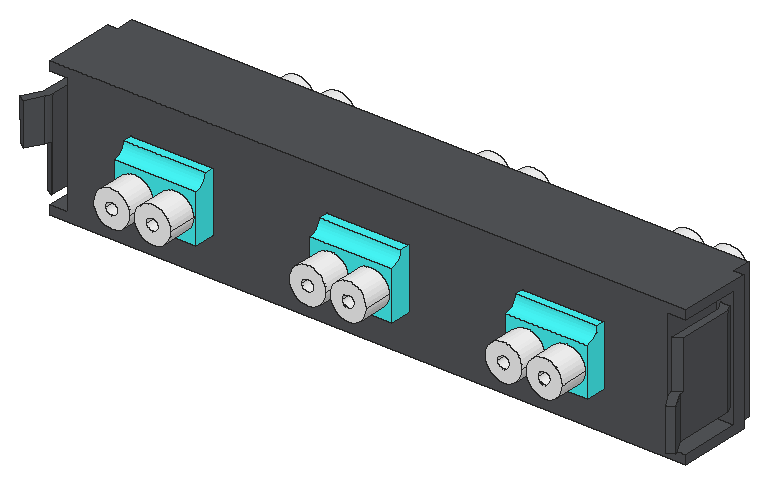
Revit family "LC Duplex 6 fibers", category Installations électriques, Revit 2020
Family settings
  Conserver l'orientation des annotations = Non
  Cote de connecteur circulaire = Utiliser le diamètre
  Type d'élément = Normal
  Basée sur le plan de construction = Non
  Toujours verticalement = Oui
  Couper avec des vides une fois chargée = Non
  Partagée = Non
  Point de calcul de pièce = Non
Parameters (values of type "LC Duplex block(AQUA)_POUR_6_FIBRES_MULTIMODE")
  Width of the connectors = 13.5 mm
  Width (mm) = 108.8 mm
  Type of connector interior = "LC_DUPLEX"
  Type of connector external = "LC_DUPLEX"
  Storage temperature = "-10°C à 60°C"
  RAL Number = "9017"
  Operating temperature = "-10°C à 60°C"
  Opening width = 13.5 mm
  Opening height = 6.5 mm
  Number of connectors = 6
  Legrand part number = "032136"
  IP = "IP20"
  IK = "IK04"
  Height of the connectors = 10 mm
  Height = 23 mm
  Function = "Patch panels with optical connector Legrand"
  Fiber optic type = "Multimode"
  Elévation par défaut = 0 mm
  ETIM class = "EC001130"
  EAN = "3414971400290"
  E-catalogue link = "https://www.legrand.fr/reference/032136/pro"
  Depth = 38.4 mm
  Colour of the connectors = IDS_CYAN
  Color = IDS_NOIR
  BIM wording = "LC Duplex block aqua 6 fibers multimode"
Types (3, lengths in mm): name | Legrand part number | Fiber optic type | EAN | E-catalogue link | Colour of the connectors | BIM wording
  LC Duplex block 6 fibers monomode | "032113" | "Single mode" | "3414970961716" | "https://www.legrand.fr/reference/032113/pro" | IDS_BLEU | "LC Duplex block 6 fibers monomode"
  LC Duplex block 6 fibers multimode | "032123" | "Multimode" | "3414970961853" | "https://www.legrand.fr/reference/032123/pro" | IDS_JAUNE | "LC Duplex block 6 fibers multimode"
  LC Duplex block(AQUA)_POUR_6_FIBRES_MULTIMODE | "032136" | "Multimode" | "3414971400290" | "https://www.legrand.fr/reference/032136/pro" | IDS_CYAN | "LC Duplex block aqua 6 fibers multimode"
Reference planes
  plane 1 "Centre (avant/arrière)": y = 0
  plane 2: z = 0
  plane 3 "Centre (gauche/droite)": x = 0
  plane 4 "Clip bas": z = 4
  plane 5 "Clip haut": z = 19
  plane 6: x = 105.5
  plane 7: x = 52.75
  plane 8: through (0.797, -2.504, 1200) normal (-0.866, 0.5, 0)
  plane 9: z = 6.5
  plane 10: z = 16.5
  plane 11: z = 6.5
  plane 12: z = 16.5
  plane 13: x = 13.5
  plane 14: x = 27
  plane 15: z = 23
  plane 16: x = 46
  plane 17: x = 59.5
  plane 18: x = 78.5
  plane 19: x = 92
  plane 20: y = -3.5
  plane 21: y = 25.5
  plane 22: z = 10.5
  plane 23: x = 20.25
  plane 24: x = 16.875
  plane 25: x = 23.625
  plane 26: y = 11
  plane 27: z = 10.5
  plane 28: x = 52.75
  plane 29: x = 49.375
  plane 30: x = 56.125
  plane 31: z = 10.5
  plane 32: x = 85.25
  plane 33: x = 81.875
  plane 34: x = 88.625
  plane 35: z = 10.5
  plane 36: x = 20.25
  plane 37: x = 16.875
  plane 38: x = 23.625
  plane 39: z = 10.5
  plane 40: x = 52.75
  plane 41: x = 49.375
  plane 42: x = 56.125
  plane 43: z = 10.5
  plane 44: x = 85.25
  plane 45: x = 81.875
  plane 46: x = 88.625
Forms (mm)
  Extrusion 1, solid, material "IDS_NOIR"
    sketch origin (0, 0, 0) x (1, 0, 0) y (0, 1, 0)
      loop
        line (0, 0) -> (105.5, 0) -> (105.5, 12) -> (103.9, 12) -> (103.9, 15) -> (1.6, 15) -> (1.6, 12) -> (0, 12) -> (0, 0)
    from 0 to 23
  Extrusion 2, void
    sketch origin (0, 0, 0) x (-1, 0, 0) y (0, 0, 1)
      loop
        line (0, 21.5) -> (-3, 21.5) -> (-3, 1.5) -> (0, 1.5) -> (0, 21.5)
      loop
        line (-105.5, 21.5) -> (-105.5, 1.5) -> (-102.5, 1.5) -> (-102.5, 21.5) -> (-105.5, 21.5)
    from 0 to 10
  Extrusion 3, solid, material "IDS_NOIR"
    sketch origin (0, 25.162, 4) x (0, 1, 0) y (-1, 0, 0)
      loop
        line (-29.912, 0.5) -> (-27.374, -0.965)
        arc (-27.374, -0.965) -> (-26.771, -1.215) -> (-26.124, -1.3) r 2.5
        line (-26.124, -1.3) -> (-16.662, -1.3) -> (-15.162, -2.166) -> (-15.162, -0.665) -> (-16.313, 0) -> (-26.446, 0) -> (-29.262, 1.626) -> (-29.912, 0.5)
      loop
        line (-29.912, -106) -> (-29.262, -107.126) -> (-26.446, -105.5) -> (-16.313, -105.5) -> (-15.162, -104.835) -> (-15.162, -103.334) -> (-16.662, -104.2) -> (-26.124, -104.2)
        arc (-26.124, -104.2) -> (-26.771, -104.285) -> (-27.374, -104.535) r 2.5
        line (-27.374, -104.535) -> (-29.912, -106)
    from 0 to 15
  Extrusion 4, void
    sketch origin (0.797, -2.504, 1200) x (0.5, 0.866025, 0) y (0, 0, 1)
      loop
        line (-2.593, -1196) -> (1.407, -1196) -> (1.407, -1188) -> (-2.593, -1188) -> (-2.593, -1196)
    from 0 to -2.615
  Extrusion 5, void
    sketch origin (104.703, -2.504, 1200) x (-0.5, 0.866025, 0) y (0, 0, -1)
      loop
        line (-2.593, 1181) -> (1.407, 1181) -> (1.407, 1189) -> (-2.593, 1189) -> (-2.593, 1181)
    from 0 to -2.615
  Extrusion 6, void
    sketch origin (2.941, 0, 0) x (-1, 0, 0) y (0, 0, 1)
      loop
        line (-10.559, 16.5) -> (-24.059, 16.5) -> (-24.059, 6.5) -> (-10.559, 6.5) -> (-10.559, 16.5)
      loop
        line (-43.059, 6.5) -> (-43.059, 16.5) -> (-56.559, 16.5) -> (-56.559, 6.5) -> (-43.059, 6.5)
      loop
        line (-89.059, 16.5) -> (-89.059, 6.5) -> (-75.559, 6.5) -> (-75.559, 16.5) -> (-89.059, 16.5)
    from 0 to 15
  Extrusion 7, void
    sketch origin (0, 0, 0) x (-1, 0, 0) y (0, 0, 1)
      loop
        line (-13.5, 6.5) -> (-13.5, 16.5) -> (-27, 16.5) -> (-27, 6.5) -> (-13.5, 6.5)
      loop
        line (-46, 6.5) -> (-46, 16.5) -> (-59.5, 16.5) -> (-59.5, 6.5) -> (-46, 6.5)
      loop
        line (-78.5, 16.5) -> (-92, 16.5) -> (-92, 6.5) -> (-78.5, 6.5) -> (-78.5, 16.5)
    from 0 to 15
  Extrusion 8, solid, material "IDS_CYAN" <- "Colour of the connectors"
    sketch origin (3.167, -3.5, 1200) x (-1, 0, 0) y (0, 0, 1)
      loop
        line (-23.833, -1193.5) -> (-10.333, -1193.5) -> (-10.333, -1183.5) -> (-23.833, -1183.5) -> (-23.833, -1193.5)
      loop
        line (-42.833, -1193.5) -> (-42.833, -1183.5) -> (-56.333, -1183.5) -> (-56.333, -1193.5) -> (-42.833, -1193.5)
      loop
        line (-88.833, -1193.5) -> (-75.333, -1193.5) -> (-75.333, -1183.5) -> (-88.833, -1183.5) -> (-88.833, -1193.5)
    from 0 to 29
  Extrusion 9, void
    sketch origin (13.5, -1524, 1.878) x (0, 0, 1) y (0, -1, 0)
      loop
        line (14.622, -1522.5) -> (14.622, -1520.5) -> (12.622, -1520.5)
        arc (12.622, -1520.5) -> (13.207, -1521.914) -> (14.622, -1522.5) r 2
      loop
        line (12.622, -1549.5) -> (14.622, -1549.5) -> (14.622, -1547.5)
        arc (14.622, -1547.5) -> (13.207, -1548.086) -> (12.622, -1549.5) r 2
    from 0 to 93.5
  Extrusion 10, solid, material "IDS_BLANC"
    sketch origin (3.167, -3.5, 1200) x (-1, 0, 0) y (0, 0, 1)
      loop
        circle (-13.708, -1189.5) r 3
      loop
        circle (-13.708, -1189.5) r 1
      loop
        circle (-20.458, -1189.5) r 3
      loop
        circle (-20.458, -1189.5) r 1
    from 0 to -4.7
  Extrusion 11, solid, material "IDS_BLANC"
    sketch origin (35.667, -3.5, 1200) x (-1, 0, 0) y (0, 0, 1)
      loop
        circle (-13.708, -1189.5) r 3
      loop
        circle (-13.708, -1189.5) r 1
      loop
        circle (-20.458, -1189.5) r 3
      loop
        circle (-20.458, -1189.5) r 1
    from 0 to -4.7
  Extrusion 12, solid, material "IDS_BLANC"
    sketch origin (68.167, -3.5, 1200) x (-1, 0, 0) y (0, 0, 1)
      loop
        circle (-13.708, -1189.5) r 3
      loop
        circle (-13.708, -1189.5) r 1
      loop
        circle (-20.458, -1189.5) r 3
      loop
        circle (-20.458, -1189.5) r 1
    from 0 to -4.7
  Extrusion 13, solid, material "IDS_BLANC"
    sketch origin (3.167, 25.5, 1200) x (-1, 0, 0) y (0, 0, -1)
      loop
        circle (-13.708, 1189.5) r 3
      loop
        circle (-13.708, 1189.5) r 1
      loop
        circle (-20.458, 1189.5) r 3
      loop
        circle (-20.458, 1189.5) r 1
    from 0 to -4.7
  Extrusion 14, solid, material "IDS_BLANC"
    sketch origin (35.667, 25.5, 1200) x (-1, 0, 0) y (0, 0, -1)
      loop
        circle (-13.708, 1189.5) r 3
      loop
        circle (-13.708, 1189.5) r 1
      loop
        circle (-20.458, 1189.5) r 3
      loop
        circle (-20.458, 1189.5) r 1
    from 0 to -4.7
  Extrusion 15, solid, material "IDS_BLANC"
    sketch origin (68.167, 25.5, 1200) x (-1, 0, 0) y (0, 0, -1)
      loop
        circle (-13.708, 1189.5) r 3
      loop
        circle (-13.708, 1189.5) r 1
      loop
        circle (-20.458, 1189.5) r 3
      loop
        circle (-20.458, 1189.5) r 1
    from 0 to -4.7
Cuts and joins
  Extrusion 2, Extrusion 6, Extrusion 7 cuts Extrusion 1
  Extrusion 4, Extrusion 5 cuts Extrusion 3
  Extrusion 9 cuts Extrusion 8
Dimensions and locks
  locked: plane 1 "Centre (avant/arrière)" to Extrusion 1 sketch curve at 15
  locked: Extrusion 1 sketch curve to Extrusion 1 sketch curve at 105.5
  locked: Extrusion 1 sketch curve to Extrusion 1 sketch curve at 1.6  (x2)
  locked: Extrusion 1 sketch curve to Extrusion 1 sketch curve at 12
  locked: Extrusion 2 sketch curve to level at 1.5
  locked: Extrusion 1 to Extrusion 2 sketch curve at 1.5
  locked: Extrusion 2 sketch curve to plane 3 "Centre (gauche/droite)" at 3
  locked: Extrusion 2 sketch curve to Extrusion 1 at 3
  plane 4 "Clip bas" to level = 4 mm
  cut or joined group of Extrusion 1, Extrusion 2, Extrusion 6, Extrusion 7 to plane 5 "Clip haut" = 4 mm
  locked: Extrusion 3 sketch curve to plane 3 "Centre (gauche/droite)" at 0.5
  locked: Extrusion 3 sketch curve to plane 1 "Centre (avant/arrière)" at 4.75
  locked: plane 3 "Centre (gauche/droite)" to Extrusion 3 sketch curve at 1.3
  plane 1 "Centre (avant/arrière)" to Extrusion 3 sketch curve = 8.5 mm
  equal spacing: plane 3 "Centre (gauche/droite)", plane 7, plane 6, locked at 52.75 each
  locked: Extrusion 3 to Extrusion 4 sketch curve at 4
  locked: Extrusion 3 to Extrusion 4 sketch curve at 8
  cut or joined group of Extrusion 3, Extrusion 4, Extrusion 5 to Extrusion 5 sketch curve = 8 mm
  Extrusion 5 sketch curve to cut or joined group of Extrusion 3, Extrusion 4, Extrusion 5 = 4 mm
  "Opening height": plane 9 to level
  "Height of the connectors": plane 10 to plane 9
  "Height of the connectors": plane 12 to plane 11
  "Opening width": plane 13 to plane 3 "Centre (gauche/droite)"
  "Width of the connectors": plane 13 to plane 14
  locked: plane 15 to level at 23
  "Opening height": plane 15 to plane 12
  "Opening width": plane 6 to plane 19
  locked: plane 20 to cut or joined group of Extrusion 1, Extrusion 2, Extrusion 6, Extrusion 7 at 3.5
  locked: plane 21 to cut or joined group of Extrusion 1, Extrusion 2, Extrusion 6, Extrusion 7 at 10.5
  equal spacing: plane 21, plane 26, plane 20
  equal spacing: cut or joined group of Extrusion 8, Extrusion 9, plane 22, cut or joined group of Extrusion 8, Extrusion 9
  "Width of the connectors": plane 18 to plane 19
  "Width of the connectors": plane 16 to plane 17
  equal spacing: plane 13, plane 23, plane 14
  equal spacing: plane 13, plane 24, plane 23
  equal spacing: plane 14, plane 25, plane 23
  plane 29 to plane 28 = 3.375 mm
  plane 30 to plane 28 = 3.375 mm
  plane 33 to plane 32 = 3.375 mm
  plane 34 to plane 32 = 3.375 mm
  plane 37 to plane 36 = 3.375 mm
  plane 38 to plane 36 = 3.375 mm
  plane 41 to plane 40 = 3.375 mm
  plane 42 to plane 40 = 3.375 mm
  plane 45 to plane 44 = 3.375 mm
  plane 46 to plane 44 = 3.375 mm
  radius of Extrusion 9 sketch curve = 2 mm  (x2)
  locked: cut or joined group of Extrusion 1, Extrusion 2, Extrusion 6, Extrusion 7 to Extrusion 3 sketch curve (angle 60.00°)
  aligned and locked: level to plane 2
  aligned and locked: plane 5 "Clip haut" to Extrusion 3
  aligned and locked: Extrusion 3 to plane 4 "Clip bas"
  aligned and locked: plane 6 to cut or joined group of Extrusion 1, Extrusion 2, Extrusion 6, Extrusion 7
  aligned and locked: Extrusion 4 sketch curve to Extrusion 3
  aligned and locked: Extrusion 3 to Extrusion 4 sketch curve
  aligned and locked: plane 8 to Extrusion 3
  aligned and locked: Extrusion 5 sketch curve to cut or joined group of Extrusion 3, Extrusion 4, Extrusion 5
  aligned and locked: plane 15 to cut or joined group of Extrusion 1, Extrusion 2, Extrusion 6, Extrusion 7
  aligned and locked: Extrusion 6 to plane 9
  aligned and locked: plane 10 to Extrusion 6
  aligned and locked: plane 13 to Extrusion 6
  aligned and locked: Extrusion 6 to plane 14
  aligned and locked: plane 9 to Extrusion 6 sketch curve
  aligned and locked: Extrusion 6 sketch curve to plane 16
  aligned and locked: Extrusion 6 sketch curve to plane 10
  aligned and locked: plane 17 to Extrusion 6 sketch curve
  aligned and locked: plane 10 to Extrusion 6 sketch curve
  aligned and locked: Extrusion 6 sketch curve to plane 9
  aligned and locked: plane 11 to Extrusion 7 sketch curve  (x2)
  aligned and locked: Extrusion 7 sketch curve to plane 12  (x2)
  aligned and locked: plane 14 to Extrusion 7 sketch curve
  aligned and locked: Extrusion 7 sketch curve to plane 13
  aligned and locked: Extrusion 7 sketch curve to plane 16
  aligned and locked: plane 17 to Extrusion 7 sketch curve
  aligned and locked: plane 12 to Extrusion 7 sketch curve
  aligned and locked: plane 18 to Extrusion 7 sketch curve
  aligned and locked: Extrusion 7 sketch curve to plane 11
  aligned and locked: Extrusion 1 to Extrusion 7
  aligned and locked: Extrusion 1 to Extrusion 6
  aligned and locked: Extrusion 2 sketch curve to Extrusion 2 sketch curve  (x2)
  aligned and locked: plane 21 to Extrusion 8
  aligned and locked: Extrusion 8 to Extrusion 9 sketch curve  (x2)
  aligned and locked: plane 19 to Extrusion 7 sketch curve
  aligned and locked: Extrusion 6 sketch curve to cut or joined group of Extrusion 8, Extrusion 9  (x2)
Automatic sketch dimensions
  plane 1 "Centre (avant/arrière)" to Extrusion 1 sketch curve = 0 mm
  Extrusion 1 sketch curve to plane 3 "Centre (gauche/droite)" = 0 mm
  plane 26 to Extrusion 1 sketch curve = 1 mm
  plane 6 to Extrusion 2 sketch curve = 0 mm
  Extrusion 2 sketch curve to plane 3 "Centre (gauche/droite)" = 0 mm
  Extrusion 3 sketch curve to plane 6 = 0 mm
  Extrusion 3 sketch curve to plane 3 "Centre (gauche/droite)" = 0 mm
  Extrusion 3 sketch curve to plane 20 = 1.25 mm
  Extrusion 3 sketch curve to plane 20 = 0.6 mm  (x2)
  plane 3 "Centre (gauche/droite)" to Extrusion 3 sketch curve = 0.965 mm
  plane 20 to Extrusion 3 sketch curve = 1.288 mm
  plane 1 "Centre (avant/arrière)" to Extrusion 3 sketch curve = 1.284 mm
  plane 1 "Centre (avant/arrière)" to Extrusion 3 sketch curve = 0.962 mm  (x2)
  Extrusion 3 sketch curve to plane 26 = 2.5 mm
  Extrusion 3 sketch curve to Extrusion 3 sketch curve = 0.348 mm  (x2)
  Extrusion 3 sketch curve to plane 26 = 1 mm  (x2)
  Extrusion 3 sketch curve to plane 6 = 0.5 mm
  Extrusion 3 sketch curve to plane 6 = 1.2 mm
  plane 6 to Extrusion 3 sketch curve = 0.665 mm
  Extrusion 3 sketch curve to Extrusion 3 sketch curve = 1.501 mm
  Extrusion 3 sketch curve to Extrusion 3 sketch curve = 0.866 mm
  plane 3 "Centre (gauche/droite)" to Extrusion 3 sketch curve = 0.665 mm
  Extrusion 5 sketch curve to Extrusion 5 sketch curve = 4 mm
  Extrusion 6 sketch curve to plane 9 = 0 mm
  plane 14 to Extrusion 6 sketch curve = 0 mm
  Extrusion 6 sketch curve to plane 10 = 0 mm
  plane 13 to Extrusion 6 sketch curve = 0 mm
  Extrusion 8 sketch curve to plane 10 = 0 mm  (x3)
  Extrusion 8 sketch curve to plane 19 = 0 mm
  Extrusion 8 sketch curve to plane 9 = 0 mm  (x3)
  plane 18 to Extrusion 8 sketch curve = 0 mm
  plane 17 to Extrusion 8 sketch curve = 0 mm
  plane 16 to Extrusion 8 sketch curve = 0 mm
  plane 14 to Extrusion 8 sketch curve = 0 mm
  plane 13 to Extrusion 8 sketch curve = 0 mm
  Extrusion 9 sketch curve to plane 10 = 0 mm  (x2)
  Extrusion 10 sketch curve to Extrusion 10 sketch curve = 0 mm  (x4)
  Extrusion 10 sketch curve to plane 22 = 0 mm  (x2)
  plane 25 to Extrusion 10 sketch curve = 0 mm
  Extrusion 10 sketch curve to plane 24 = 0 mm
  Extrusion 11 sketch curve to Extrusion 11 sketch curve = 0 mm  (x4)
  Extrusion 11 sketch curve to plane 27 = 0 mm  (x2)
  plane 30 to Extrusion 11 sketch curve = 0 mm
  Extrusion 11 sketch curve to plane 29 = 0 mm
  Extrusion 12 sketch curve to Extrusion 12 sketch curve = 0 mm  (x4)
  Extrusion 12 sketch curve to plane 31 = 0 mm  (x2)
  plane 34 to Extrusion 12 sketch curve = 0 mm
  Extrusion 12 sketch curve to plane 33 = 0 mm
  Extrusion 13 sketch curve to Extrusion 13 sketch curve = 0 mm  (x4)
  Extrusion 13 sketch curve to plane 35 = 0 mm  (x2)
  plane 38 to Extrusion 13 sketch curve = 0 mm
  Extrusion 13 sketch curve to plane 37 = 0 mm
  Extrusion 14 sketch curve to Extrusion 14 sketch curve = 0 mm  (x4)
  Extrusion 14 sketch curve to plane 39 = 0 mm  (x2)
  plane 42 to Extrusion 14 sketch curve = 0 mm
  Extrusion 14 sketch curve to plane 41 = 0 mm
  Extrusion 15 sketch curve to Extrusion 15 sketch curve = 0 mm  (x4)
  Extrusion 15 sketch curve to plane 43 = 0 mm  (x2)
  plane 46 to Extrusion 15 sketch curve = 0 mm
  Extrusion 15 sketch curve to plane 45 = 0 mm
  radius of Extrusion 10 sketch curve = 3 mm  (x2)
  radius of Extrusion 10 sketch curve = 1 mm  (x2)
  radius of Extrusion 11 sketch curve = 3 mm  (x2)
  radius of Extrusion 11 sketch curve = 1 mm  (x2)
  radius of Extrusion 12 sketch curve = 3 mm  (x2)
  radius of Extrusion 12 sketch curve = 1 mm  (x2)
  radius of Extrusion 13 sketch curve = 3 mm  (x2)
  radius of Extrusion 13 sketch curve = 1 mm  (x2)
  radius of Extrusion 14 sketch curve = 3 mm  (x2)
  radius of Extrusion 14 sketch curve = 1 mm  (x2)
  radius of Extrusion 15 sketch curve = 3 mm  (x2)
  radius of Extrusion 15 sketch curve = 1 mm  (x2)
